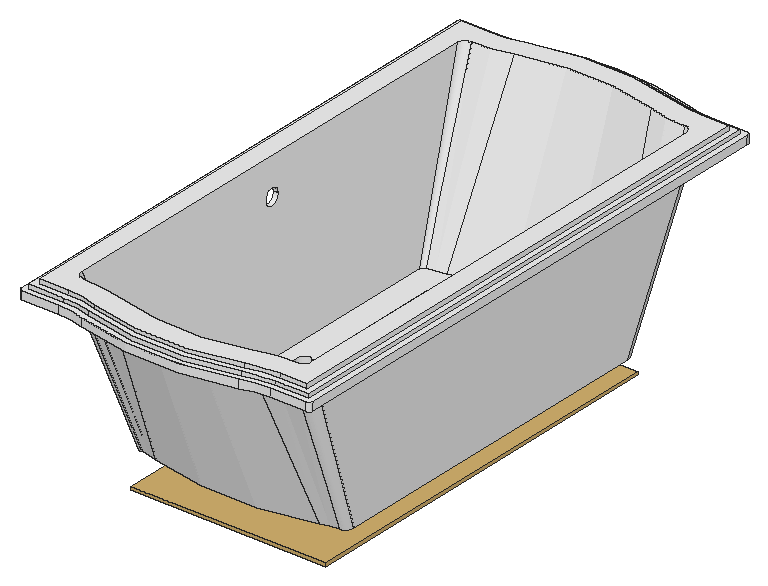
Revit family "bm-00086_abr784t", category Plumbing Fixtures, host Face, Revit 2016
Family settings
  Host = Face
  Part Type = Normal
  Round Connector Dimension = Use Radius
  OmniClass Number = 23.45.05.14.21
  OmniClass Title = Bathtubs
  Cut with Voids When Loaded = No
  Shared = No
  Room Calculation Point = No
Parameters (values of type "ABR784T")
  ecoScorecard_data = " "
  ecoScorecard Product Page = "  "
  Width = 35 7/8"
  Waste Connection Radius = 1 1/4"
  Waste Connection NPT = 2"
  Waste Connection = yes
  Warranty URL = "http://www.totousa.com/warranty-registration"
  Warranty = "1 Year Limited Warranty on acrylic tub; 1 Year Limited Warranty on components and parts"
  WFU = 0
  Voltage = 120 V
  Vent Connection = yes
  URL = "http://www.totousa.com"
  Toto BIM Number = "BM-00086"  # constant formula
  Subcategory = "Bathtubs"  # constant formula
  Style = "Traditional"  # constant formula
  Spec Sheet URL = "http://assets.totousa.com/product-files/SS-01027_ABR784.pdf"
  Shipping Weight = 148.00 lbf
  Series = "Clayton"  # constant formula
  Product Page URL = " "
  Parts Manual URL = "http://assets.totousa.com/product-files/PD-00811_REMOTE_AIRBATHS.pdf"
  Owners Manual URL = "http://assets.totousa.com/product-files/0GU5054_AIRBATH_OM.pdf"
  Number of Poles = 1
  Model = "ABA784R"  # constant formula
  Manufacturer Toll Free Phone = "1-888-295-8134"  # constant formula
  Manufacturer Phone = "(770) 282-8686 "  # constant formula
  Manufacturer Fax = "(770) 282-0002"  # constant formula
  Manufacturer Email = "mailto:custservice@totousa.com "
  Manufacturer Address = "1155 Southern Road, Morrow, Georgia 30260"  # constant formula
  Manufacturer = "TOTO USA, Inc."  # constant formula
  Installation URL = "http://assets.totousa.com/product-files/0GU5034_AIRBATH_BATHTUB_IM.pdf"
  Industry Standards = "300 VA"
  Height = 25 3/8"
  HWFU = 0
  HW Connection = no
  Full Load Amps = 15 A
  Frequency = 60 Hz
  Finish = Metal - TOTO - Chrome - Polished
  Description = "6' Air Bathtub"  # constant formula
  Depth = 71 5/8"
  Default Elevation = 0"
  Cost Info = "mailto:custservice@totousa.com "
  Color Availability = "#01  Cotton, #12  Sedona Beige"
  CWFU = 0
  CW Connection = no
  CAD Drawing URL = "http://assets.totousa.com/product-files/AD-00130_ABR784T.dxf"
  Bottom Plate = Metal - TOTO - LifeKoat - Brass - Polished
  Blower Motor Horsepower (HP) = 1
  Assembly Code = "D2010510"
  95 CSI = "15410"
  04 CSI = "22 41 19"
Reference planes (in)
  plane 1 "Center (Front/Back)": y = 0
  plane 2: z = 0
  plane 3 "Center (Left/Right)": x = 0
Dimensions and locks (in)
  aligned and locked: plane 2 to host face
  aligned and locked: level to host face
  aligned: nested 1 to plane 3 "Center (Left/Right)"
  aligned: nested 1 to plane 1 "Center (Front/Back)"
  aligned and locked: nested 1 to plane 3 "Center (Left/Right)"
  aligned and locked: plane 1 "Center (Front/Back)" to nested 1
Nested families (in)
  nested 1: "ABA784R" at (0, 0, 0) x (0, -1, 0) z (0, 0, 1), type "ABA784R"
Connectors (in)
  piping at (-9.8125, 0, 3.375), diameter 2.5, driven by "Waste Connection Radius"
    settings: on nested 1, index 1, connector inside diameter 2 1/2", connector length 0", flow factor 0, pipe flow 0 GPM, pressure drop 0.00 psi, fitting loss kfactor 0, connector angle 0.00°, fixture units 0, engagement length 0", angle of deflection 0.00°, flow configuration 3, flow direction 2, fitting loss method 0, system type 16, joint type 0, gender type 0, connector reference index -1, connector utility 0, adjustable connector no, is connector primary yes, connector description "Waste Outlet Connection"
  electrical at (-13.85938, 0, 13.375), driven by "Voltage"
    settings: on nested 1, index 2, voltage 120 V, apparent load 0 VA, apparent load phase1 0 VA, apparent load phase2 0 VA, apparent load phase3 0 VA, power factor 1, load classification "Other", number of poles 1, system type 30, power factor state 1, is connector primary yes, connector utility no, sub classification motor no, connector description "Power Connection"
Definition of nested family "ABA784R"
  Parameters
    ecoScorecard_data = ""
    ecoScorecard Product Page = ""
    Waste Connection Radius = Waste Connection NPT / 2  # 1"
    Waste Connection NPT = 2"
    Waste Connection = yes
    WFU = 0
    Voltage = 120 V
    Vent Connection = yes
    URL = "http://www.totousa.com"
    Toto Version = "V.01"  # constant formula
    Toto BIM Number = "BM-00085"  # constant formula
    Subcategory = "Baths"  # constant formula
    Shipping Weight = 148.00 lbf
    Series = "Clayton"
    Product URL = "http://www.totousa.com/ProductDetail/tabid/75/Default.aspx?ProductId=20d99218-603c-4732-9ab9-e906ca661e77&SearchId=80163866-1f2e-47de-86ac-71a0c6c0640d"
    Number of Poles = 1
    Nominal Width = 35 7/8"  # constant formula
    Nominal Length = 71 5/8"  # constant formula
    Nominal Height = 25 3/8"  # constant formula
    Model = "ABA784L"
    Manufacturer = "TOTO USA, Inc."  # constant formula
    HWFU = 0
    HW Connection = no
    Full Load Amps = 15 A
    Frequency = 60 Hz
    Description = "6' Air Bathtub"
    Default Elevation = 0"
    CWFU = 0
    CW Connection = no
    CADworks URL = "http://www.CADworks.net"
    Bottom Plate = none
    Blower Motor Horsepower (HP) = 1
    Bathtub Material = none
    Assembly Code = "D2010510"
    Apparent Power = 300 VA
  Reference planes (in)
    plane 1 "Center (Front/Back)": y = 0
    plane 2: z = 0
    plane 3 "Center (Left/Right)": x = 0
    plane 4: y = 17.9375
    plane 5: y = -17.9375
    plane 6: x = -35.8125
    plane 7 "Wall Closure": x = 35.8125
    plane 8: z = 25.375
    plane 9: z = 23.375
    plane 10: z = 0.375
    plane 11: z = 3.375
    plane 12: z = 4.375
    plane 13: z = 24.375
    plane 14: z = 21.125
    plane 15: y = -9.8125
  Forms (in)
    Extrusion 1, solid
      sketch origin (0, 0, 0) x (1, 0, 0) y (0, 1, 0)
        loop
          line (-48, 48) -> (-48, -48) -> (48, -48) -> (48, 48) -> (-48, 48)
      from 0 to -12
    Extrusion 2, solid, material <- "Bathtub Material", detail levels medium+fine
      sketch origin (0, -79.70833, 23.375) x (0, -1, 0) y (1, 0, 0)
        loop
          arc (-97.64583, -33.40234) -> (-97.49938, -33.7559) -> (-97.14583, -33.90234) r 0.5
          line (-97.14583, -33.90234) -> (-92.78517, -33.90234)
          arc (-92.78517, -33.90234) -> (-91.05072, -34.02835) -> (-89.35269, -34.40373) r 12
          arc (-89.35269, -34.40373) -> (-79.70833, -35.8125) -> (-70.06396, -34.40373) r 33.71684
          arc (-70.06396, -34.40373) -> (-68.36594, -34.02835) -> (-66.63148, -33.90234) r 12
          line (-66.63148, -33.90234) -> (-62.27083, -33.90234)
          arc (-62.27083, -33.90234) -> (-61.91728, -33.7559) -> (-61.77083, -33.40234) r 0.5
          line (-61.77083, -33.40234) -> (-61.77083, 33.40234)
          arc (-61.77083, 33.40234) -> (-61.91728, 33.7559) -> (-62.27083, 33.90234) r 0.5
          line (-62.27083, 33.90234) -> (-66.63148, 33.90234)
          arc (-66.63148, 33.90234) -> (-68.36594, 34.02835) -> (-70.06396, 34.40373) r 12
          arc (-70.06396, 34.40373) -> (-79.70833, 35.8125) -> (-89.35269, 34.40373) r 33.71684
          arc (-89.35269, 34.40373) -> (-91.05072, 34.02835) -> (-92.78517, 33.90234) r 12
          line (-92.78517, 33.90234) -> (-97.14583, 33.90234)
          arc (-97.14583, 33.90234) -> (-97.49938, 33.7559) -> (-97.64583, 33.40234) r 0.5
          line (-97.64583, 33.40234) -> (-97.64583, -33.40234)
      from 0 to 2
    Extrusion 3, solid, material <- "Bottom Plate", detail levels fine
      sketch origin (0, 0, 0) x (1, 0, 0) y (0, 1, 0)
        loop
          line (-24, 12) -> (-24, -12) -> (24, -12) -> (24, 12) -> (-24, 12)
      from 0 to 0.375
    Extrusion 4, solid, material <- "Bathtub Material", detail levels medium+fine
      sketch origin (-60, -180, 0.375) x (-1, 0, 0) y (0, -1, 0)
        loop
          line (-45, -187) -> (-45, -183.5) -> (-48.5, -183.5) -> (-48.5, -187) -> (-45, -187)
        loop
          line (-75, -187) -> (-71.5, -187) -> (-71.5, -183.5) -> (-75, -183.5) -> (-75, -187)
        loop
          line (-45, -173) -> (-48.5, -173) -> (-48.5, -176.5) -> (-45, -176.5) -> (-45, -173)
        loop
          line (-75, -173) -> (-75, -176.5) -> (-71.5, -176.5) -> (-71.5, -173) -> (-75, -173)
      from -0.375 to 3
    SweptBlend 5, solid, material <- "Bathtub Material", detail levels medium+fine
      path origin (0, 0, 0) x (1, 0, 0) y (0, 0, 1)
        loop
          line (0, 3.375) -> (0, 23.375)
      profile origin (0, 0, 3.375) x (-1, 0, 0) y (0, -1, 0)
        loop
          arc (21.10933, -13.09375) -> (21.77557, -12.83949) -> (22.10301, -12.20599) r 1
          arc (22.10301, -12.20599) -> (22.26826, -11.15958) -> (22.52516, -10.13183) r 12
          arc (22.52516, -10.13183) -> (24, 0) -> (22.52516, 10.13183) r 35.53926
          arc (22.52516, 10.13183) -> (22.26826, 11.15958) -> (22.10301, 12.20599) r 12
          arc (22.10301, 12.20599) -> (21.77557, 12.83949) -> (21.10933, 13.09375) r 1
          line (21.10933, 13.09375) -> (-21.10933, 13.09375)
          arc (-21.10933, 13.09375) -> (-21.77557, 12.83949) -> (-22.10301, 12.20599) r 1
          arc (-22.10301, 12.20599) -> (-22.26826, 11.15958) -> (-22.52516, 10.13183) r 12
          arc (-22.52516, 10.13183) -> (-24, 0) -> (-22.52516, -10.13183) r 35.53926
          arc (-22.52516, -10.13183) -> (-22.26826, -11.15958) -> (-22.10301, -12.20599) r 12
          arc (-22.10301, -12.20599) -> (-21.77557, -12.83949) -> (-21.10933, -13.09375) r 1
          line (-21.10933, -13.09375) -> (21.10933, -13.09375)
      end profile origin (0, 0, 23.375) x (-1, 0, 0) y (0, -1, 0)
        loop
          arc (28.80866, -14.625) -> (29.87081, -14.18417) -> (30.30866, -13.12077) r 1.5
          arc (30.30866, -13.12077) -> (30.46918, -10.8447) -> (30.96014, -8.61641) r 15.59375
          arc (30.96014, -8.61641) -> (32.21875, 0) -> (30.96014, 8.61641) r 30.12309
          arc (30.96014, 8.61641) -> (30.46918, 10.8447) -> (30.30866, 13.12077) r 15.59375
          arc (30.30866, 13.12077) -> (29.87081, 14.18417) -> (28.80866, 14.625) r 1.5
          line (28.80866, 14.625) -> (-28.80866, 14.625)
          arc (-28.80866, 14.625) -> (-29.87081, 14.18417) -> (-30.30866, 13.12077) r 1.5
          arc (-30.30866, 13.12077) -> (-30.46918, 10.8447) -> (-30.96014, 8.61641) r 15.59375
          arc (-30.96014, 8.61641) -> (-32.21875, 0) -> (-30.96014, -8.61641) r 30.12309
          arc (-30.96014, -8.61641) -> (-30.46918, -10.8447) -> (-30.30866, -13.12077) r 15.59375
          arc (-30.30866, -13.12077) -> (-29.87081, -14.18417) -> (-28.80866, -14.625) r 1.5
          line (-28.80866, -14.625) -> (28.80866, -14.625)
    SweptBlend 6, void
      path origin (0, 0, 0) x (1, 0, 0) y (0, 0, 1)
        loop
          line (0, 4.375) -> (0, 25.375)
      profile origin (0, 0, 4.375) x (-1, 0, 0) y (0, -1, 0)
        loop
          arc (22.04591, -9.98929) -> (23.5, 0) -> (22.04591, 9.98929) r 35.03926
          arc (22.04591, 9.98929) -> (21.77831, 11.05986) -> (21.60617, 12.14987) r 12.5
          arc (21.60617, 12.14987) -> (21.44245, 12.46662) -> (21.10933, 12.59375) r 0.5
          line (21.10933, 12.59375) -> (-21.10933, 12.59375)
          arc (-21.10933, 12.59375) -> (-21.44245, 12.46662) -> (-21.60617, 12.14987) r 0.5
          arc (-21.60617, 12.14987) -> (-21.77831, 11.05986) -> (-22.04591, 9.98929) r 12.5
          arc (-22.04591, 9.98929) -> (-23.5, 0) -> (-22.04591, -9.98929) r 35.03926
          arc (-22.04591, -9.98929) -> (-21.77831, -11.05986) -> (-21.60617, -12.14987) r 12.5
          arc (-21.60617, -12.14987) -> (-21.44245, -12.46662) -> (-21.10933, -12.59375) r 0.5
          line (-21.10933, -12.59375) -> (21.10933, -12.59375)
          arc (21.10933, -12.59375) -> (21.44245, -12.46662) -> (21.60617, -12.14987) r 0.5
          arc (21.60617, -12.14987) -> (21.77831, -11.05986) -> (22.04591, -9.98929) r 12.5
      end profile origin (0, 0, 25.375) x (-1, 0, 0) y (0, -1, 0)
        loop
          arc (30.48103, -8.47339) -> (31.71875, 0) -> (30.48103, 8.47339) r 29.62309
          arc (30.48103, 8.47339) -> (29.97433, 10.77312) -> (29.80866, 13.12218) r 16.09375
          arc (29.80866, 13.12218) -> (29.51676, 13.83111) -> (28.80866, 14.125) r 1
          line (28.80866, 14.125) -> (-28.80866, 14.125)
          arc (-28.80866, 14.125) -> (-29.51676, 13.83111) -> (-29.80866, 13.12218) r 1
          arc (-29.80866, 13.12218) -> (-29.97433, 10.77312) -> (-30.48103, 8.47339) r 16.09375
          arc (-30.48103, 8.47339) -> (-31.71875, 0) -> (-30.48103, -8.47339) r 29.62309
          arc (-30.48103, -8.47339) -> (-29.97433, -10.77312) -> (-29.80866, -13.12218) r 16.09375
          arc (-29.80866, -13.12218) -> (-29.51676, -13.83111) -> (-28.80866, -14.125) r 1
          line (-28.80866, -14.125) -> (28.80866, -14.125)
          arc (28.80866, -14.125) -> (29.51676, -13.83111) -> (29.80866, -13.12218) r 1
          arc (29.80866, -13.12218) -> (29.97433, -10.77312) -> (30.48103, -8.47339) r 16.09375
    Extrusion 7, void
      sketch origin (0, -79.70833, 25.375) x (1, 0, 0) y (0, -1, 0)
        loop
          line (-35.8125, -97.64583) -> (35.8125, -97.64583) -> (35.8125, -61.77083) -> (-35.8125, -61.77083) -> (-35.8125, -97.64583)
        loop
          arc (-32.96641, -88.92363) -> (-32.5441, -90.83391) -> (-32.40234, -92.78517) r 13.5
          line (-32.40234, -92.78517) -> (-32.40234, -96.14583) -> (32.40234, -96.14583) -> (32.40234, -92.78517)
          arc (32.40234, -92.78517) -> (32.5441, -90.83391) -> (32.96641, -88.92363) r 13.5
          arc (32.96641, -88.92363) -> (34.3125, -79.70833) -> (32.96641, -70.49302) r 32.21684
          arc (32.96641, -70.49302) -> (32.5441, -68.58274) -> (32.40234, -66.63148) r 13.5
          line (32.40234, -66.63148) -> (32.40234, -63.27083) -> (-32.40234, -63.27083) -> (-32.40234, -66.63148)
          arc (-32.40234, -66.63148) -> (-32.5441, -68.58274) -> (-32.96641, -70.49302) r 13.5
          arc (-32.96641, -70.49302) -> (-34.3125, -79.70833) -> (-32.96641, -88.92363) r 32.21684
      from 0 to 0.5
    Extrusion 8, void
      sketch origin (0, -79.70833, 24.875) x (0, 1, 0) y (1, 0, 0)
        loop
          arc (70.27849, -33.68507) -> (79.70833, -35.0625) -> (89.13816, -33.68507) r 32.96684
          arc (89.13816, -33.68507) -> (90.94232, -33.28623) -> (92.78517, -33.15234) r 12.75
          line (92.78517, -33.15234) -> (96.89583, -33.15234) -> (96.89583, 33.15234) -> (92.78517, 33.15234)
          arc (92.78517, 33.15234) -> (90.94232, 33.28623) -> (89.13816, 33.68507) r 12.75
          arc (89.13816, 33.68507) -> (79.70833, 35.0625) -> (70.27849, 33.68507) r 32.96684
          arc (70.27849, 33.68507) -> (68.47434, 33.28623) -> (66.63148, 33.15234) r 12.75
          line (66.63148, 33.15234) -> (62.52083, 33.15234) -> (62.52083, -33.15234) -> (66.63148, -33.15234)
          arc (66.63148, -33.15234) -> (68.47434, -33.28623) -> (70.27849, -33.68507) r 12.75
        loop
          line (97.64583, -35.8125) -> (97.64583, 35.8125) -> (61.77083, 35.8125) -> (61.77083, -35.8125) -> (97.64583, -35.8125)
      from 0 to 0.5
    Extrusion 9, void
      sketch origin (0, -79.70833, 4.375) x (1, 0, 0) y (0, -1, 0)
        loop
          arc (-19.09756, -71.19254) -> (-20.25, -79.70833) -> (-19.09756, -88.22412) r 32.03926
          arc (-19.09756, -88.22412) -> (-18.73942, -88.75388) -> (-18.13353, -88.95833) r 1
          line (-18.13353, -88.95833) -> (18.13353, -88.95833)
          arc (18.13353, -88.95833) -> (18.73942, -88.75388) -> (19.09756, -88.22412) r 1
          arc (19.09756, -88.22412) -> (20.25, -79.70833) -> (19.09756, -71.19254) r 32.03926
          arc (19.09756, -71.19254) -> (18.73942, -70.66278) -> (18.13353, -70.45833) r 1
          line (18.13353, -70.45833) -> (3.13187, -70.45833)
          arc (3.13187, -70.45833) -> (2.60576, -70.60791) -> (2.23705, -71.0119) r 1
          arc (2.23705, -71.0119) -> (0, -72.39583) -> (-2.23705, -71.0119) r 2.5
          arc (-2.23705, -71.0119) -> (-2.60576, -70.60791) -> (-3.13187, -70.45833) r 1
          line (-3.13187, -70.45833) -> (-18.13353, -70.45833)
          arc (-18.13353, -70.45833) -> (-18.73942, -70.66278) -> (-19.09756, -71.19254) r 1
      from 0 to 0.25
    Extrusion 10, void
      sketch origin (0, -79.70833, 4.375) x (1, 0, 0) y (0, -1, 0)
        loop
          circle (0, -69.89583) r 1
      from 0 to 1
    Extrusion 11, void
      sketch origin (-60, 17.9375, 48) x (1, 0, 0) y (0, 0, 1)
        loop
          circle (60, -26.875) r 1
      from 27.75 to 35.875
    Extrusion 12, solid, material <- "Bathtub Material", detail levels coarse
      sketch origin (0, -79.70833, 25.375) x (0, -1, 0) y (1, 0, 0)
        loop
          line (-97.64583, 33.40234) -> (-97.64583, -33.40234)
          arc (-97.64583, -33.40234) -> (-97.49938, -33.7559) -> (-97.14583, -33.90234) r 0.5
          line (-97.14583, -33.90234) -> (-92.78517, -33.90234)
          arc (-92.78517, -33.90234) -> (-91.05072, -34.02835) -> (-89.35269, -34.40373) r 12
          arc (-89.35269, -34.40373) -> (-84.58169, -35.45845) -> (-79.70833, -35.8125) r 33.71684
          arc (-79.70833, -35.8125) -> (-74.83497, -35.45845) -> (-70.06396, -34.40373) r 33.71684
          arc (-70.06396, -34.40373) -> (-68.36594, -34.02835) -> (-66.63148, -33.90234) r 12
          line (-66.63148, -33.90234) -> (-62.27083, -33.90234)
          arc (-62.27083, -33.90234) -> (-61.91728, -33.7559) -> (-61.77083, -33.40234) r 0.5
          line (-61.77083, -33.40234) -> (-61.77083, 33.40234)
          arc (-61.77083, 33.40234) -> (-61.91728, 33.7559) -> (-62.27083, 33.90234) r 0.5
          line (-62.27083, 33.90234) -> (-66.63148, 33.90234)
          arc (-66.63148, 33.90234) -> (-68.36594, 34.02835) -> (-70.06396, 34.40373) r 12
          arc (-70.06396, 34.40373) -> (-74.83497, 35.45845) -> (-79.70833, 35.8125) r 33.71684
          arc (-79.70833, 35.8125) -> (-84.58169, 35.45845) -> (-89.35269, 34.40373) r 33.71684
          arc (-89.35269, 34.40373) -> (-91.05072, 34.02835) -> (-92.78517, 33.90234) r 12
          line (-92.78517, 33.90234) -> (-97.14583, 33.90234)
          arc (-97.14583, 33.90234) -> (-97.49938, 33.7559) -> (-97.64583, 33.40234) r 0.5
      from 0 to -25.375
  Cuts and joins
    SweptBlend 6, Extrusion 7, Extrusion 8, Extrusion 9, Extrusion 10, Extrusion 11 cuts Extrusion 2
    SweptBlend 6, Extrusion 7, Extrusion 8, Extrusion 9, Extrusion 10, Extrusion 11 cuts SweptBlend 5
    joined: Extrusion 2, SweptBlend 5
  Lines and regions (in)
    symbolic lines
      curve 1: line (33.40234, 17.9375, 25.375) -> (-33.40234, 17.9375, 25.375)
      curve 2: arc (-33.40234, 17.9375, 25.375) -> (-33.7559, 17.79105, 25.375) -> (-33.90234, 17.4375, 25.375) r 0.5
      curve 3: line (-33.90234, 17.4375, 25.375) -> (-33.90234, 13.07685, 25.375)
      curve 4: arc (-33.90234, 13.07685, 25.375) -> (-34.02835, 11.34239, 25.375) -> (-34.40373, 9.64437, 25.375) r 12
      curve 5: arc (-34.40373, 9.64437, 25.375) -> (-35.45845, 4.87336, 25.375) -> (-35.8125, 0, 25.375) r 33.71684
      curve 6: arc (-35.8125, 0, 25.375) -> (-35.45845, -4.87336, 25.375) -> (-34.40373, -9.64437, 25.375) r 33.71684
      curve 7: arc (-34.40373, -9.64437, 25.375) -> (-34.02835, -11.34239, 25.375) -> (-33.90234, -13.07685, 25.375) r 12
      curve 8: line (-33.90234, -13.07685, 25.375) -> (-33.90234, -17.4375, 25.375)
      curve 9: arc (-33.90234, -17.4375, 25.375) -> (-33.7559, -17.79105, 25.375) -> (-33.40234, -17.9375, 25.375) r 0.5
      curve 10: line (-33.40234, -17.9375, 25.375) -> (33.40234, -17.9375, 25.375)
      curve 11: arc (33.40234, -17.9375, 25.375) -> (33.7559, -17.79105, 25.375) -> (33.90234, -17.4375, 25.375) r 0.5
      curve 12: line (33.90234, -17.4375, 25.375) -> (33.90234, -13.07685, 25.375)
      curve 13: arc (33.90234, -13.07685, 25.375) -> (34.02835, -11.34239, 25.375) -> (34.40373, -9.64437, 25.375) r 12
      curve 14: arc (34.40373, -9.64437, 25.375) -> (35.45845, -4.87336, 25.375) -> (35.8125, 0, 25.375) r 33.71684
      curve 15: arc (35.8125, 0, 25.375) -> (35.45845, 4.87336, 25.375) -> (34.40373, 9.64437, 25.375) r 33.71684
      curve 16: arc (34.40373, 9.64437, 25.375) -> (34.02835, 11.34239, 25.375) -> (33.90234, 13.07685, 25.375) r 12
      curve 17: line (33.90234, 13.07685, 25.375) -> (33.90234, 17.4375, 25.375)
      curve 18: arc (33.90234, 17.4375, 25.375) -> (33.7559, 17.79105, 25.375) -> (33.40234, 17.9375, 25.375) r 0.5
    symbolic lines, detail levels medium+fine
      curve 19: line (33.15234, 17.1875, 25.375) -> (-33.15234, 17.1875, 25.375)
      curve 20: line (-33.15234, 17.1875, 25.375) -> (-33.15234, 13.07685, 25.375)
      curve 21: arc (-33.15234, 13.07685, 25.375) -> (-33.28623, 11.23399, 25.375) -> (-33.68507, 9.42984, 25.375) r 12.75
      curve 22: arc (-33.68507, 9.42984, 25.375) -> (-35.0625, 0, 25.375) -> (-33.68507, -9.42984, 25.375) r 32.96684
      curve 23: arc (-33.68507, -9.42984, 25.375) -> (-33.28623, -11.23399, 25.375) -> (-33.15234, -13.07685, 25.375) r 12.75
      curve 24: line (-33.15234, -13.07685, 25.375) -> (-33.15234, -17.1875, 25.375)
      curve 25: line (-33.15234, -17.1875, 25.375) -> (33.15234, -17.1875, 25.375)
      curve 26: line (33.15234, -17.1875, 25.375) -> (33.15234, -13.07685, 25.375)
      curve 27: arc (33.15234, -13.07685, 25.375) -> (33.28623, -11.23399, 25.375) -> (33.68507, -9.42984, 25.375) r 12.75
      curve 28: arc (33.68507, -9.42984, 25.375) -> (35.0625, 0, 25.375) -> (33.68507, 9.42984, 25.375) r 32.96684
      curve 29: arc (33.68507, 9.42984, 25.375) -> (33.28623, 11.23399, 25.375) -> (33.15234, 13.07685, 25.375) r 12.75
      curve 30: line (33.15234, 13.07685, 25.375) -> (33.15234, 17.1875, 25.375)
      curve 31: line (-32.40234, 16.4375, 25.375) -> (-32.40234, 13.07685, 25.375)
      curve 32: arc (-32.40234, 13.07685, 25.375) -> (-32.5441, 11.12559, 25.375) -> (-32.96641, 9.21531, 25.375) r 13.5
      curve 33: arc (-32.96641, 9.21531, 25.375) -> (-34.3125, 0, 25.375) -> (-32.96641, -9.21531, 25.375) r 32.21684
      curve 34: arc (-32.96641, -9.21531, 25.375) -> (-32.5441, -11.12559, 25.375) -> (-32.40234, -13.07685, 25.375) r 13.5
      curve 35: line (-32.40234, -13.07685, 25.375) -> (-32.40234, -16.4375, 25.375)
      curve 36: line (-32.40234, -16.4375, 25.375) -> (32.40234, -16.4375, 25.375)
      curve 37: line (32.40234, -16.4375, 25.375) -> (32.40234, -13.07685, 25.375)
      curve 38: arc (32.40234, -13.07685, 25.375) -> (32.5441, -11.12559, 25.375) -> (32.96641, -9.21531, 25.375) r 13.5
      curve 39: arc (32.96641, -9.21531, 25.375) -> (34.3125, 0, 25.375) -> (32.96641, 9.21531, 25.375) r 32.21684
      curve 40: arc (32.96641, 9.21531, 25.375) -> (32.5441, 11.12559, 25.375) -> (32.40234, 13.07685, 25.375) r 13.5
      curve 41: line (32.40234, 13.07685, 25.375) -> (32.40234, 16.4375, 25.375)
      curve 42: line (32.40234, 16.4375, 25.375) -> (-32.40234, 16.4375, 25.375)
      curve 43: line (-28.80866, 14.125, 25.375) -> (28.80866, 14.125, 25.375)
      curve 44: arc (28.80866, 14.125, 25.375) -> (29.51676, 13.83111, 25.375) -> (29.80866, 13.12218, 25.375) r 1
      curve 45: arc (29.80866, 13.12218, 25.375) -> (29.97433, 10.77312, 25.375) -> (30.48103, 8.47339, 25.375) r 16.09375
      curve 46: arc (30.48103, 8.47339, 25.375) -> (31.71875, 0, 25.375) -> (30.48103, -8.47339, 25.375) r 29.62309
      curve 47: arc (30.48103, -8.47339, 25.375) -> (29.97433, -10.77312, 25.375) -> (29.80866, -13.12218, 25.375) r 16.09375
      curve 48: arc (29.80866, -13.12218, 25.375) -> (29.51676, -13.83111, 25.375) -> (28.80866, -14.125, 25.375) r 1
      curve 49: line (28.80866, -14.125, 25.375) -> (-28.80866, -14.125, 25.375)
      curve 50: arc (-28.80866, -14.125, 25.375) -> (-29.51676, -13.83111, 25.375) -> (-29.80866, -13.12218, 25.375) r 1
      curve 51: arc (-29.80866, -13.12218, 25.375) -> (-29.97433, -10.77312, 25.375) -> (-30.48103, -8.47339, 25.375) r 16.09375
      curve 52: arc (-30.48103, -8.47339, 25.375) -> (-31.71875, 0, 25.375) -> (-30.48103, 8.47339, 25.375) r 29.62309
      curve 53: arc (-30.48103, 8.47339, 25.375) -> (-29.97433, 10.77312, 25.375) -> (-29.80866, 13.12218, 25.375) r 16.09375
      curve 54: arc (-29.80866, 13.12218, 25.375) -> (-29.51676, 13.83111, 25.375) -> (-28.80866, 14.125, 25.375) r 1
      curve 55: line (21.10933, 12.59375, 25.375) -> (-21.10933, 12.59375, 25.375)
      curve 56: arc (-21.10933, 12.59375, 25.375) -> (-21.44245, 12.46662, 25.375) -> (-21.60617, 12.14987, 25.375) r 0.5
      curve 57: arc (-21.60617, 12.14987, 25.375) -> (-21.77831, 11.05986, 25.375) -> (-22.04591, 9.98929, 25.375) r 12.5
      curve 58: arc (-22.04591, 9.98929, 25.375) -> (-23.5, 0, 25.375) -> (-22.04591, -9.98929, 25.375) r 35.03926
      curve 59: arc (-22.04591, -9.98929, 25.375) -> (-21.77831, -11.05986, 25.375) -> (-21.60617, -12.14987, 25.375) r 12.5
      curve 60: arc (-21.60617, -12.14987, 25.375) -> (-21.44245, -12.46662, 25.375) -> (-21.10933, -12.59375, 25.375) r 0.5
      curve 61: line (-21.10933, -12.59375, 25.375) -> (21.10933, -12.59375, 25.375)
      curve 62: arc (21.10933, -12.59375, 25.375) -> (21.44245, -12.46662, 25.375) -> (21.60617, -12.14987, 25.375) r 0.5
      curve 63: arc (21.60617, -12.14987, 25.375) -> (21.77831, -11.05986, 25.375) -> (22.04591, -9.98929, 25.375) r 12.5
      curve 64: arc (22.04591, -9.98929, 25.375) -> (23.5, 0, 25.375) -> (22.04591, 9.98929, 25.375) r 35.03926
      curve 65: arc (22.04591, 9.98929, 25.375) -> (21.77831, 11.05986, 25.375) -> (21.60617, 12.14987, 25.375) r 12.5
      curve 66: arc (21.60617, 12.14987, 25.375) -> (21.44245, 12.46662, 25.375) -> (21.10933, 12.59375, 25.375) r 0.5
      curve 67: line (-18.13353, 9.25, 25.375) -> (18.13353, 9.25, 25.375)
      curve 68: arc (18.13353, 9.25, 25.375) -> (18.73942, 9.04555, 25.375) -> (19.09756, 8.51579, 25.375) r 1
      curve 69: arc (19.09756, 8.51579, 25.375) -> (20.25, 0, 25.375) -> (19.09756, -8.51579, 25.375) r 32.03926
      curve 70: arc (19.09756, -8.51579, 25.375) -> (18.73942, -9.04555, 25.375) -> (18.13353, -9.25, 25.375) r 1
      curve 71: line (18.13353, -9.25, 25.375) -> (3.13187, -9.25, 25.375)
      curve 72: arc (3.13187, -9.25, 25.375) -> (2.60576, -9.10042, 25.375) -> (2.23705, -8.69643, 25.375) r 1
      curve 73: arc (2.23705, -8.69643, 25.375) -> (0, -7.3125, 25.375) -> (-2.23705, -8.69643, 25.375) r 2.5
      curve 74: arc (-2.23705, -8.69643, 25.375) -> (-2.60576, -9.10042, 25.375) -> (-3.13187, -9.25, 25.375) r 1
      curve 75: line (-3.13187, -9.25, 25.375) -> (-18.13353, -9.25, 25.375)
      curve 76: arc (-18.13353, -9.25, 25.375) -> (-18.73942, -9.04555, 25.375) -> (-19.09756, -8.51579, 25.375) r 1
      curve 77: arc (-19.09756, -8.51579, 25.375) -> (-20.25, 0, 25.375) -> (-19.09756, 8.51579, 25.375) r 32.03926
      curve 78: arc (-19.09756, 8.51579, 25.375) -> (-18.73942, 9.04555, 25.375) -> (-18.13353, 9.25, 25.375) r 1
      curve 79: arc (1, -9.8125, 25.375) -> (0, -10.8125, 25.375) -> (-1, -9.8125, 25.375) r 1
      curve 80: arc (-1, -9.8125, 25.375) -> (0, -8.8125, 25.375) -> (1, -9.8125, 25.375) r 1
      curve 81: spline (0.99963, -13.8151, 25.375) -> (0.96616, -13.83396, 25.375) -> (0.86661, -13.85154, 25.375) -> (0.70781, -13.86664, 25.375) -> (0.5006, -13.87823, 25.375) -> (0.25916, -13.88551, 25.375) -> (0, -13.888, 25.375) -> (-0.25916, -13.88551, 25.375) -> (-0.5006, -13.87823, 25.375) -> (-0.70781, -13.86664, 25.375) -> (-0.86661, -13.85154, 25.375) -> (-0.96616, -13.83396, 25.375) -> (-0.99963, -13.8151, 25.375)
      curve 82: spline (-0.99963, -13.8151, 25.375) -> (-0.96616, -13.79625, 25.375) -> (-0.86661, -13.77867, 25.375) -> (-0.70781, -13.76357, 25.375) -> (-0.5006, -13.75198, 25.375) -> (-0.25916, -13.7447, 25.375) -> (0, -13.74221, 25.375) -> (0.25916, -13.7447, 25.375) -> (0.5006, -13.75198, 25.375) -> (0.70781, -13.76357, 25.375) -> (0.86661, -13.77867, 25.375) -> (0.96616, -13.79625, 25.375) -> (0.99963, -13.8151, 25.375)
      curve 87: line (-34.3125, 9.8125, 25.375) -> (34.3125, 9.8125, 25.375)
      curve 88: line (35.0625, 9.8125, 24.875) -> (-35.0625, 9.8125, 24.875)
      curve 89: line (35.8125, 9.8125, 24.375) -> (-35.8125, 9.8125, 24.375)
      curve 90: line (35.8125, 9.8125, 23.375) -> (-35.8125, 9.8125, 23.375)
      curve 91: line (-34.3125, 9.8125, 25.375) -> (-34.3125, 9.8125, 24.875)
      curve 92: line (-35.0625, 9.8125, 24.875) -> (-35.0625, 9.8125, 24.375)
      curve 93: line (-35.8125, 9.8125, 24.375) -> (-35.8125, 9.8125, 23.375)
      curve 94: line (-33.90234, 9.8125, 24.375) -> (-33.90234, 9.8125, 23.375)
      curve 95: line (-33.15234, 9.8125, 24.875) -> (-33.15234, 9.8125, 24.375)
      curve 96: line (-32.40234, 9.8125, 25.375) -> (-32.40234, 9.8125, 24.875)
      curve 97: line (-24, 9.8125, 3.375) -> (-32.2221, 9.8125, 23.375)
      curve 98: line (24, 9.8125, 3.375) -> (-24, 9.8125, 3.375)
      curve 99: line (24, 9.8125, 3.375) -> (32.2199, 9.8125, 23.375)
      curve 100: line (34.3125, 9.8125, 25.375) -> (34.3125, 9.8125, 24.875)
      curve 101: line (35.0625, 9.8125, 24.875) -> (35.0625, 9.8125, 24.375)
      curve 102: line (35.8125, 9.8125, 24.375) -> (35.8125, 9.8125, 23.375)
      curve 103: line (33.90234, 9.8125, 24.375) -> (33.90234, 9.8125, 23.375)
      curve 104: line (33.15234, 9.8125, 24.875) -> (33.15234, 9.8125, 24.375)
      curve 105: line (32.40234, 9.8125, 25.375) -> (32.40234, 9.8125, 24.875)
      curve 106: arc (-1, 9.8125, 21.125) -> (0, 9.8125, 20.125) -> (1, 9.8125, 21.125) r 1
      curve 107: arc (1, 9.8125, 21.125) -> (0, 9.8125, 22.125) -> (-1, 9.8125, 21.125) r 1
      curve 108: line (11.5, 9.8125, 3.375) -> (11.5, 9.8125, 0.375)
      curve 109: line (15, 9.8125, 3.375) -> (15, 9.8125, 0.375)
      curve 110: line (-11.5, 9.8125, 3.375) -> (-11.5, 9.8125, 0.375)
      curve 111: line (-15, 9.8125, 3.375) -> (-15, 9.8125, 0.375)
      curve 126: line (0, 16.4375, 25.375) -> (0, -16.4375, 25.375)
      curve 127: line (0, -17.1875, 24.875) -> (0, 17.1875, 24.875)
      curve 128: line (0, -17.9375, 24.375) -> (0, 17.9375, 24.375)
      curve 129: line (0, -17.9375, 23.375) -> (0, 17.9375, 23.375)
      curve 130: line (0, 16.4375, 25.375) -> (0, 16.4375, 24.875)
      curve 131: line (0, 17.1875, 24.875) -> (0, 17.1875, 24.375)
      curve 132: line (0, 17.9375, 24.375) -> (0, 17.9375, 23.375)
      curve 133: line (0, -16.4375, 25.375) -> (0, -16.4375, 24.875)
      curve 134: line (0, -17.1875, 24.875) -> (0, -17.1875, 24.375)
      curve 135: line (0, -17.9375, 24.375) -> (0, -17.9375, 23.375)
      curve 136: line (0, -13.09375, 3.375) -> (0, 13.09375, 3.375)
      curve 137: line (0, -13.09375, 3.375) -> (0, -14.625, 23.375)
      curve 138: line (0, 13.09375, 3.375) -> (0, 14.625, 23.375)
      curve 139: line (0, 7, 3.375) -> (0, 7, 0.375)
      curve 140: line (0, 3.5, 3.375) -> (0, 3.5, 0.375)
      curve 141: line (0, -3.5, 3.375) -> (0, -3.5, 0.375)
      curve 142: line (0, -7, 3.375) -> (0, -7, 0.375)
    symbolic lines, detail levels coarse
      curve 83: line (-35.8125, 9.8125, 25.375) -> (35.8125, 9.8125, 25.375)
      curve 84: line (-35.8125, 9.8125, 0) -> (-35.8125, 9.8125, 25.375)
      curve 85: line (35.8125, 9.8125, 0) -> (-35.8125, 9.8125, 0)
      curve 86: line (35.8125, 9.8125, 25.375) -> (35.8125, 9.8125, 0)
      curve 122: line (0, 17.9375, 25.375) -> (0, -17.9375, 25.375)
      curve 123: line (0, 17.9375, 0) -> (0, 17.9375, 25.375)
      curve 124: line (0, -17.9375, 0) -> (0, 17.9375, 0)
      curve 125: line (0, -17.9375, 25.375) -> (0, -17.9375, 0)
    symbolic lines, detail levels medium
      curve 112: line (-15, 9.8125, 0.375) -> (-15, 9.8125, 0)
      curve 113: line (-15, 9.8125, 0) -> (-11.5, 9.8125, 0)
      curve 114: line (-11.5, 9.8125, 0) -> (-11.5, 9.8125, 0.375)
      curve 115: line (11.5, 9.8125, 0.375) -> (11.5, 9.8125, 0)
      curve 116: line (11.5, 9.8125, 0) -> (15, 9.8125, 0)
      curve 117: line (15, 9.8125, 0) -> (15, 9.8125, 0.375)
      curve 143: line (0, -3.5, 0.375) -> (0, -3.5, 0)
      curve 144: line (0, -3.5, 0) -> (0, -7, 0)
      curve 145: line (0, -7, 0) -> (0, -7, 0.375)
      curve 146: line (0, 7, 0.375) -> (0, 7, 0)
      curve 147: line (0, 7, 0) -> (0, 3.5, 0)
      curve 148: line (0, 3.5, 0) -> (0, 3.5, 0.375)
    symbolic lines, detail levels fine
      curve 118: line (-24, 9.8125, 0.375) -> (24, 9.8125, 0.375)
      curve 119: line (-24, 9.8125, 0) -> (-24, 9.8125, 0.375)
      curve 120: line (24, 9.8125, 0) -> (-24, 9.8125, 0)
      curve 121: line (24, 9.8125, 0.375) -> (24, 9.8125, 0)
      curve 149: line (0, 12, 0.375) -> (0, -12, 0.375)
      curve 150: line (0, 12, 0) -> (0, 12, 0.375)
      curve 151: line (0, -12, 0) -> (0, 12, 0)
      curve 152: line (0, -12, 0.375) -> (0, -12, 0)
  Dimensions and locks (in)
    "Nominal Width": plane 5 to plane 4
    equal spacing: plane 5, plane 1 "Center (Front/Back)", plane 4
    "Nominal Length": plane 6 to plane 7 "Wall Closure"
    equal spacing: plane 6, plane 3 "Center (Left/Right)", plane 7 "Wall Closure"
    "Nominal Height": plane 8 to plane 2
    locked: plane 8 to plane 9 at 2
    locked: Extrusion 2 sketch curve to Extrusion 2 sketch curve at 67.80469  (x2)
    equal spacing: Extrusion 2 sketch curve, plane 3 "Center (Left/Right)", Extrusion 2 sketch curve  (x2)
    Extrusion 2 sketch curve to Extrusion 2 sketch curve to plane 1 "Center (Front/Back)" to Extrusion 2 sketch curve to Extrusion 2 sketch curve = 3.43248" locked, 9.64437" locked, 9.64437" locked, 3.43248" locked  (x2)
    locked: Extrusion 2 sketch curve to Extrusion 2 sketch curve at 0.50139  (x4)
    locked: Extrusion 2 sketch curve to Extrusion 2 sketch curve at 0.5  (x8)
    locked: Extrusion 3 sketch curve to Extrusion 3 sketch curve at 24
    equal spacing: Extrusion 3 sketch curve, plane 1 "Center (Front/Back)", Extrusion 3 sketch curve
    locked: Extrusion 3 sketch curve to Extrusion 3 sketch curve at 48
    equal spacing: Extrusion 3 sketch curve, plane 3 "Center (Left/Right)", Extrusion 3 sketch curve
    locked: plane 10 to plane 2 at 0.375
    Extrusion 4 sketch curve to Extrusion 4 sketch curve to plane 3 "Center (Left/Right)" to Extrusion 4 sketch curve to Extrusion 4 sketch curve = 3 1/2" locked, 11 1/2" locked, 11 1/2" locked, 3 1/2" locked  (x2)
    Extrusion 4 sketch curve to Extrusion 4 sketch curve to plane 1 "Center (Front/Back)" to Extrusion 4 sketch curve to Extrusion 4 sketch curve = 3 1/2" locked, 3 1/2" locked, 3 1/2" locked, 3 1/2" locked  (x2)
    SweptBlend 5 sketch curve to SweptBlend 5 sketch curve to SweptBlend 5 sketch curve to plane 3 "Center (Left/Right)" to SweptBlend 5 sketch curve to SweptBlend 5 sketch curve to SweptBlend 5 sketch curve = 0.65148" locked, 1 1/2" locked, 28.80866" locked, 28.80866" locked, 1 1/2" locked, 0.65148" locked
    SweptBlend 5 sketch curve to SweptBlend 5 sketch curve to SweptBlend 5 sketch curve to plane 1 "Center (Front/Back)" to SweptBlend 5 sketch curve to SweptBlend 5 sketch curve to SweptBlend 5 sketch curve = 1.50423" locked, 4.50437" locked, 8.61641" locked, 8.61641" locked, 4.50437" locked, 1.50423" locked
    SweptBlend 5 sketch curve to SweptBlend 5 sketch curve to plane 3 "Center (Left/Right)" to SweptBlend 5 sketch curve to SweptBlend 5 sketch curve = 1 1/2" locked, 28.80866" locked, 28.80866" locked, 1 1/2" locked
    SweptBlend 5 sketch curve to SweptBlend 5 sketch curve to SweptBlend 5 sketch curve = 4.50437" locked, 1.50423" locked  (x2)
    locked: plane 8 to plane 12 at 21
    SweptBlend 6 sketch curve to SweptBlend 6 sketch curve to SweptBlend 6 sketch curve to plane 3 "Center (Left/Right)" to SweptBlend 6 sketch curve to SweptBlend 6 sketch curve to SweptBlend 6 sketch curve = 0.67237" locked, 1" locked, 28.80866" locked, 28.80866" locked, 1" locked, 0.67237" locked  (x2)
    SweptBlend 6 sketch curve to SweptBlend 6 sketch curve to SweptBlend 6 sketch curve to plane 1 "Center (Front/Back)" to SweptBlend 6 sketch curve to SweptBlend 6 sketch curve to SweptBlend 6 sketch curve = 1.00282" locked, 4.64879" locked, 8.47339" locked, 8.47339" locked, 4.64879" locked, 1.00282" locked
    SweptBlend 6 sketch curve to SweptBlend 6 sketch curve to SweptBlend 6 sketch curve = 1.00282" locked, 4.64879" locked  (x2)
    plane 12 to cut or joined group of Extrusion 2, SweptBlend 5, SweptBlend 6, Extrusion 7, Extrusion 8, Extrusion 9, Extrusion 10, Extrusion 11 to plane 11 = 1/4" locked, 3/4" locked
    plane 8 to cut or joined group of Extrusion 2, SweptBlend 5, SweptBlend 6, Extrusion 7, Extrusion 8, Extrusion 9, Extrusion 10, Extrusion 11 to cut or joined group of Extrusion 2, SweptBlend 5, SweptBlend 6, Extrusion 7, Extrusion 8, Extrusion 9, Extrusion 10, Extrusion 11 to plane 9 = 1/2" locked, 1/2" locked, 1" locked
    plane 6 to Extrusion 8 sketch curve to Extrusion 8 sketch curve = 2.12743" locked, 0.53272" locked  (x2)
    Extrusion 8 sketch curve to Extrusion 8 sketch curve to plane 7 "Wall Closure" = 0.53272" locked, 2.12743" locked  (x2)
    plane 5 to Extrusion 8 sketch curve to Extrusion 8 sketch curve to Extrusion 8 sketch curve = 3/4" locked, 4.11065" locked, 3.64701" locked
    plane 4 to Extrusion 8 sketch curve to Extrusion 8 sketch curve to Extrusion 8 sketch curve = 3/4" locked, 4.11065" locked, 3.64701" locked
    Extrusion 8 sketch curve to Extrusion 8 sketch curve to Extrusion 8 sketch curve = 4.11065" locked, 3.64701" locked  (x2)
    plane 6 to Extrusion 7 sketch curve to Extrusion 7 sketch curve = 2.84609" locked, 0.56406" locked  (x2)
    Extrusion 7 sketch curve to Extrusion 7 sketch curve to plane 7 "Wall Closure" = 0.56406" locked, 2.84609" locked  (x2)
    plane 4 to Extrusion 7 sketch curve to Extrusion 7 sketch curve to Extrusion 7 sketch curve = 1 1/2" locked, 3.36065" locked, 3.86154" locked
    plane 5 to Extrusion 7 sketch curve to Extrusion 7 sketch curve to Extrusion 7 sketch curve = 1 1/2" locked, 3.36065" locked, 3.86154" locked
    Extrusion 7 sketch curve to Extrusion 7 sketch curve to Extrusion 7 sketch curve = 3.86154" locked, 3.36065" locked  (x2)
    locked: plane 13 to plane 9 at 1
    locked: cut or joined group of Extrusion 2, SweptBlend 5, SweptBlend 6, Extrusion 7, Extrusion 8, Extrusion 9, Extrusion 10, Extrusion 11 to plane 13 at 0.5
    locked: plane 14 to plane 12 at 16.75
    locked: Extrusion 11 sketch curve to plane 14 at 0
    locked: Extrusion 11 sketch curve to plane 3 "Center (Left/Right)" at 0
    SweptBlend 5 sketch curve to SweptBlend 5 sketch curve to SweptBlend 5 sketch curve to plane 3 "Center (Left/Right)" to SweptBlend 5 sketch curve to SweptBlend 5 sketch curve to SweptBlend 5 sketch curve = 0.42216" locked, 0.99368" locked, 21.10933" locked, 21.10933" locked, 0.99368" locked, 0.42216" locked  (x2)
    SweptBlend 5 sketch curve to SweptBlend 5 sketch curve to SweptBlend 5 sketch curve to plane 1 "Center (Front/Back)" to SweptBlend 5 sketch curve to SweptBlend 5 sketch curve to SweptBlend 5 sketch curve = 0.88776" locked, 2.07416" locked, 10.13183" locked, 10.13183" locked, 2.07416" locked, 0.88776" locked
    SweptBlend 5 sketch curve to SweptBlend 5 sketch curve to SweptBlend 5 sketch curve = 2.07416" locked, 0.88776" locked  (x2)
    SweptBlend 6 sketch curve to SweptBlend 6 sketch curve to SweptBlend 6 sketch curve to plane 3 "Center (Left/Right)" to SweptBlend 6 sketch curve to SweptBlend 6 sketch curve to SweptBlend 6 sketch curve = 0.43975" locked, 0.49684" locked, 21.10933" locked, 21.10933" locked, 0.49684" locked, 0.43975" locked  (x2)
    SweptBlend 6 sketch curve to SweptBlend 6 sketch curve to SweptBlend 6 sketch curve to plane 1 "Center (Front/Back)" to SweptBlend 6 sketch curve to SweptBlend 6 sketch curve to SweptBlend 6 sketch curve = 0.44388" locked, 2.16059" locked, 9.98929" locked, 9.98929" locked, 2.16059" locked, 0.44388" locked
    SweptBlend 6 sketch curve to SweptBlend 6 sketch curve to SweptBlend 6 sketch curve = 0.44388" locked, 2.16059" locked  (x2)
    locked: plane 5 to plane 15 at 8.125
    locked: Extrusion 10 sketch curve to plane 15 at 0
    locked: Extrusion 10 sketch curve to plane 3 "Center (Left/Right)" at 0
    Extrusion 9 sketch curve to Extrusion 9 sketch curve to plane 3 "Center (Left/Right)" to Extrusion 9 sketch curve to Extrusion 9 sketch curve = 0.96403" locked, 18.13353" locked, 18.13353" locked, 0.96403" locked
    Extrusion 9 sketch curve to Extrusion 9 sketch curve to Extrusion 9 sketch curve to Extrusion 9 sketch curve to plane 3 "Center (Left/Right)" to Extrusion 9 sketch curve to Extrusion 9 sketch curve to Extrusion 9 sketch curve to Extrusion 9 sketch curve = 0.96403" locked, 15.00166" locked, 0.89482" locked, 2.23705" locked, 2.23705" locked, 0.89482" locked, 15.00166" locked, 0.96403" locked
    Extrusion 9 sketch curve to Extrusion 9 sketch curve to Extrusion 9 sketch curve to plane 1 "Center (Front/Back)" to Extrusion 9 sketch curve to Extrusion 9 sketch curve = 0.55357" locked, 0.18064" locked, 8.51579" locked, 8.51579" locked, 0.73421" locked
    locked: Extrusion 9 sketch curve to Extrusion 9 sketch curve at 0.73421
    Extrusion 9 sketch curve to Extrusion 9 sketch curve to Extrusion 9 sketch curve to plane 1 "Center (Front/Back)" = 0.55357" locked, 0.18064" locked, 8.51579" locked
    "Waste Connection Radius": radius of Extrusion 10 sketch curve
    radius of Extrusion 11 sketch curve = 1"
    aligned and locked: plane 2 to Extrusion 1
    aligned and locked: level to Extrusion 1
    aligned and locked: Extrusion 2 sketch curve to plane 4
    aligned and locked: Extrusion 2 sketch curve to plane 5
    aligned and locked: plane 10 to Extrusion 3
    aligned and locked: Extrusion 3 to plane 2
    aligned: Extrusion 4 to plane 10
    aligned and locked: plane 11 to Extrusion 4
    aligned and locked: plane 3 "Center (Left/Right)" to SweptBlend 5 sketch curve
    aligned and locked: plane 9 to SweptBlend 5
    aligned and locked: SweptBlend 5 to plane 11
    aligned and locked: plane 3 "Center (Left/Right)" to SweptBlend 6 sketch curve
    aligned and locked: plane 6 to Extrusion 7 sketch curve
    aligned and locked: Extrusion 7 sketch curve to plane 5
    aligned and locked: plane 7 "Wall Closure" to Extrusion 7 sketch curve
    aligned and locked: Extrusion 7 sketch curve to plane 4
    aligned and locked: plane 6 to Extrusion 8 sketch curve
    aligned and locked: Extrusion 8 sketch curve to plane 4
    aligned and locked: plane 7 "Wall Closure" to Extrusion 8 sketch curve
    aligned and locked: Extrusion 8 sketch curve to plane 5
    aligned and locked: plane 12 to cut or joined group of Extrusion 2, SweptBlend 5, SweptBlend 6, Extrusion 7, Extrusion 8, Extrusion 9, Extrusion 10, Extrusion 11  (x3)
    aligned and locked: plane 8 to cut or joined group of Extrusion 2, SweptBlend 5, SweptBlend 6, Extrusion 7, Extrusion 8, Extrusion 9, Extrusion 10, Extrusion 11  (x2)
    aligned and locked: cut or joined group of Extrusion 2, SweptBlend 5, SweptBlend 6, Extrusion 7, Extrusion 8, Extrusion 9, Extrusion 10, Extrusion 11 to plane 11
    aligned and locked: cut or joined group of Extrusion 2, SweptBlend 5, SweptBlend 6, Extrusion 7, Extrusion 8, Extrusion 9, Extrusion 10, Extrusion 11 to plane 13
    aligned and locked: plane 13 to cut or joined group of Extrusion 2, SweptBlend 5, SweptBlend 6, Extrusion 7, Extrusion 8, Extrusion 9, Extrusion 10, Extrusion 11
    aligned and locked: cut or joined group of Extrusion 2, SweptBlend 5, SweptBlend 6, Extrusion 7, Extrusion 8, Extrusion 9, Extrusion 10, Extrusion 11 to cut or joined group of Extrusion 2, SweptBlend 5, SweptBlend 6, Extrusion 7, Extrusion 8, Extrusion 9, Extrusion 10, Extrusion 11  (x2)
    aligned: plane 4 to Extrusion 11
    aligned and locked: plane 5 to Extrusion 11
    aligned and locked: Extrusion 11 to plane 15
    aligned and locked: Extrusion 4 to level
  Automatic sketch dimensions
    Extrusion 1 sketch curve to Extrusion 1 sketch curve = 96"  (x2)
    Extrusion 2 sketch curve to Extrusion 2 sketch curve = 0"  (x2)
    SweptBlend 5 sketch curve to plane 11 = 0"
    SweptBlend 5 sketch curve to plane 9 = 0"
    SweptBlend 5 sketch curve to SweptBlend 5 sketch curve = 0"  (x13)
    SweptBlend 6 sketch curve to plane 12 = 0"
    SweptBlend 6 sketch curve to plane 8 = 0"
    plane 1 "Center (Front/Back)" to SweptBlend 6 sketch curve = 0"  (x2)
    SweptBlend 6 sketch curve to SweptBlend 6 sketch curve = 0"  (x9)
    Extrusion 7 sketch curve to Extrusion 7 sketch curve = 0"  (x2)
    Extrusion 8 sketch curve to Extrusion 8 sketch curve = 0"  (x2)
    plane 1 "Center (Front/Back)" to SweptBlend 5 sketch curve = 0"
    SweptBlend 6 sketch curve to SweptBlend 6 sketch curve = 0.43975"
    Extrusion 9 sketch curve to Extrusion 9 sketch curve = 0"  (x3)
    curve 5 to curve 6 = 0"
    curve 14 to curve 15 = 0"
    curve 1 to plane 4 = 0"
    plane 1 "Center (Front/Back)" to curve 15 = 0"
    plane 1 "Center (Front/Back)" to curve 5 = 0"
    plane 5 to curve 10 = 0"
    curve 5 to plane 6 = 0"
    curve 15 to plane 7 "Wall Closure" = 0"
    curve 2 to plane 4 = 1/2"
    curve 17 to plane 4 = 1/2"
    plane 6 to curve 3 = 1 233/256"
    curve 2 to curve 3 = 4.36065"
    plane 7 "Wall Closure" to curve 16 = 1 233/256"
    curve 18 to curve 16 = 4.36065"
    curve 3 to curve 4 = 3.43248"
    curve 17 to curve 16 = 3.43248"
    curve 5 to curve 4 = 0"
    curve 15 to curve 16 = 0"
    curve 14 to plane 15 = 0.16813"
    curve 7 to plane 15 = 0.16813"
    curve 13 to curve 14 = 0"
    curve 6 to curve 7 = 0"
    curve 14 to curve 12 = 3.43248"
    curve 7 to curve 7 = 3.43248"
    curve 11 to plane 5 = 1/2"
    curve 9 to plane 5 = 1/2"
    curve 4 to curve 21 = 0"  (x2)
    curve 5 to curve 22 = 0"  (x2)
    curve 7 to curve 23 = 0"  (x2)
    curve 13 to curve 27 = 0"  (x2)
    curve 14 to curve 28 = 0"  (x2)
    curve 16 to curve 29 = 0"  (x2)
    curve 2 to curve 19 = 1/4"
    curve 16 to curve 28 = 0.21453"
    curve 29 to curve 28 = 0"
    curve 4 to curve 22 = 0.21453"
    curve 21 to curve 22 = 0"
    curve 23 to curve 22 = 0"
    curve 27 to curve 28 = 0"
    curve 26 to curve 11 = 1/4"
    curve 4 to curve 32 = 0"  (x2)
    curve 5 to curve 33 = 0"  (x2)
    curve 7 to curve 34 = 0"  (x2)
    curve 13 to curve 38 = 0"  (x2)
    curve 14 to curve 39 = 0"  (x2)
    curve 16 to curve 40 = 0"  (x2)
    curve 19 to curve 41 = 3/4"
    curve 21 to curve 33 = 0.21453"
    curve 28 to curve 40 = 0.21453"
    curve 32 to curve 33 = 0"
    curve 39 to curve 40 = 0"
    curve 38 to curve 39 = 0"
    curve 34 to curve 33 = 0"
    curve 36 to curve 24 = 3/4"
    curve 4 to curve 53 = 0"  (x2)
    curve 5 to curve 52 = 0"  (x2)
    curve 7 to curve 51 = 0"  (x2)
    curve 13 to curve 47 = 0"  (x2)
    curve 14 to curve 46 = 0"  (x2)
    curve 16 to curve 45 = 0"  (x2)
    curve 43 to curve 41 = 1.04815"
    curve 43 to curve 54 = 1"
    curve 43 to curve 44 = 1"
    curve 54 to curve 53 = 0.00282"
    curve 54 to curve 53 = 0"
    curve 44 to curve 45 = 0.00282"
    curve 44 to curve 45 = 0"
    curve 46 to curve 45 = 0"
    curve 52 to curve 53 = 0"
    curve 51 to curve 52 = 0"
    curve 47 to curve 46 = 0"
    curve 38 to curve 48 = 0.04534"
    curve 34 to curve 51 = 0.04534"
    curve 50 to curve 51 = 0"
    curve 47 to curve 48 = 0"
    curve 47 to curve 48 = 0.00282"
    plane 1 "Center (Front/Back)" to curve 58 = 0"
    plane 1 "Center (Front/Back)" to curve 64 = 0"
    curve 65 to curve 16 = 0.47604"
    curve 57 to curve 4 = 0.47604"
    curve 55 to plane 4 = 5 11/32"
    curve 55 to curve 66 = 0.44388"
    curve 55 to curve 56 = 0.44388"
    curve 65 to curve 66 = 0"
    curve 57 to curve 56 = 0"
    curve 55 to curve 66 = 1/2"
    curve 55 to curve 56 = 1/2"
    curve 65 to curve 65 = 2.16059"
    curve 64 to curve 65 = 0"
    curve 56 to curve 58 = 2.16059"
    curve 57 to curve 58 = 0"
    plane 15 to curve 59 = 0.17679"
    curve 58 to curve 59 = 0"
    plane 15 to curve 64 = 0.17679"
    curve 63 to curve 64 = 0"
    plane 15 to curve 62 = 2 9/32"
    plane 15 to curve 60 = 2 9/32"
    curve 60 to curve 59 = 0.05612"
    curve 62 to curve 62 = 0.05612"
    curve 63 to curve 62 = 0"
    curve 60 to curve 59 = 0"
    curve 60 to curve 60 = 1/2"
    curve 59 to curve 8 = 0.12484"
    curve 64 to curve 5 = 9.44359"
    plane 1 "Center (Front/Back)" to curve 77 = 0"
    plane 1 "Center (Front/Back)" to curve 69 = 0"
    curve 73 to plane 3 "Center (Left/Right)" = 0"
    plane 15 to curve 73 = 0"
    curve 64 to curve 68 = 0.73929"
    curve 67 to curve 68 = 0.73421"
    curve 78 to curve 77 = 0.73421"
    curve 78 to curve 77 = 0"
    curve 69 to curve 68 = 0"
    curve 67 to curve 68 = 1"
    curve 78 to curve 78 = 0.26579"
    curve 74 to plane 15 = 1 9/16"
    curve 70 to plane 15 = 1 9/16"
    curve 76 to plane 15 = 1 9/16"
    curve 72 to plane 15 = 1 9/16"
    curve 70 to curve 70 = 0.26579"
    curve 76 to curve 77 = 0.26579"
    curve 76 to curve 77 = 0"
    curve 69 to curve 70 = 0"
    curve 74 to curve 73 = 0.44643"
    curve 74 to curve 73 = 0"
    curve 72 to curve 72 = 0.44643"
    curve 58 to curve 76 = 2.94836"
    curve 69 to curve 64 = 1/4"
    curve 73 to curve 79 = 0"  (x2)
    curve 80 to curve 73 = 1"
    curve 82 to plane 3 "Center (Left/Right)" = 0"
    curve 81 to plane 3 "Center (Left/Right)" = 0"
    curve 82 to plane 3 "Center (Left/Right)" = 0.99964"
    plane 15 to curve 82 = 4.00241"
    curve 82 to curve 82 = 0.0002"
    curve 81 to curve 81 = 0.0002"
    curve 82 to curve 81 = 0"
    curve 81 to curve 81 = 0"
    Extrusion 12 sketch curve to Extrusion 12 sketch curve = 0"  (x8)
    Extrusion 12 sketch curve to plane 4 = 0"
    plane 1 "Center (Front/Back)" to Extrusion 12 sketch curve = 0"  (x2)
    plane 5 to Extrusion 12 sketch curve = 0"
    Extrusion 12 sketch curve to plane 6 = 0"
    Extrusion 12 sketch curve to plane 7 "Wall Closure" = 0"
    Extrusion 12 sketch curve to plane 4 = 1/2"  (x2)
    plane 6 to Extrusion 12 sketch curve = 1 233/256"
    Extrusion 12 sketch curve to Extrusion 12 sketch curve = 4.36065"  (x2)
    plane 7 "Wall Closure" to Extrusion 12 sketch curve = 1 233/256"
    Extrusion 12 sketch curve to Extrusion 12 sketch curve = 3.43248"  (x4)
    Extrusion 12 sketch curve to plane 15 = 0.16813"  (x2)
    Extrusion 12 sketch curve to plane 5 = 1/2"  (x2)
    curve 106 to curve 107 = 0"  (x2)
    plane 7 "Wall Closure" to curve 89 = 0"
    plane 7 "Wall Closure" to curve 102 = 0"
    curve 101 to plane 13 = 0"
    curve 100 to plane 8 = 0"
    curve 103 to plane 9 = 0"
    curve 105 to plane 8 = 0"
    curve 120 to level = 0"
    curve 121 to plane 10 = 0"
    curve 99 to plane 11 = 0"
    curve 117 to level = 0"
    curve 117 to plane 10 = 0"
    curve 115 to plane 10 = 0"
    curve 115 to level = 0"
    curve 107 to plane 14 = 0"
    curve 106 to plane 3 "Center (Left/Right)" = 0"
    curve 113 to level = 0"
    curve 110 to plane 10 = 0"
    curve 112 to plane 10 = 0"
    curve 85 to plane 6 = 0"
    curve 93 to plane 6 = 0"
    plane 7 "Wall Closure" to curve 101 = 3/4"
    curve 88 to curve 100 = 3/4"
    curve 100 to curve 103 = 105/256"
    curve 103 to curve 104 = 3/4"
    curve 104 to curve 105 = 3/4"
    curve 104 to curve 99 = 0.93245"
    plane 7 "Wall Closure" to curve 120 = 11 13/16"
    curve 118 to curve 99 = 0"
    curve 120 to curve 117 = 9"
    curve 116 to curve 116 = 3 1/2"
    plane 3 "Center (Left/Right)" to curve 107 = 1"
    curve 113 to plane 3 "Center (Left/Right)" = 11 1/2"
    curve 113 to curve 113 = 3 1/2"
    curve 111 to curve 98 = 9"
    curve 120 to curve 97 = 0"
    curve 97 to curve 90 = 3.5904"
    curve 96 to plane 8 = 1/2"
    curve 97 to curve 96 = 0.18024"
    curve 96 to curve 95 = 3/4"
    curve 95 to curve 94 = 3/4"
    curve 94 to curve 91 = 105/256"
    plane 6 to curve 92 = 3/4"
    curve 125 to level = 0"
    curve 125 to plane 5 = 0"
    curve 135 to plane 5 = 0"
    curve 134 to plane 13 = 0"
    curve 133 to plane 8 = 0"
    curve 137 to plane 9 = 0"
    curve 137 to plane 11 = 0"
    curve 151 to level = 0"
    curve 152 to plane 10 = 0"
    curve 142 to plane 10 = 0"
    curve 145 to level = 0"
    curve 143 to plane 10 = 0"
    curve 147 to level = 0"
    curve 140 to plane 10 = 0"
    curve 139 to plane 10 = 0"
    curve 132 to plane 4 = 0"
    curve 124 to plane 4 = 0"
    curve 125 to plane 8 = 0"
    curve 127 to plane 5 = 3/4"
    curve 127 to curve 133 = 3/4"
    curve 133 to curve 137 = 1 13/16"
    plane 15 to curve 137 = 3 9/32"
    plane 15 to curve 151 = 2 3/16"
    curve 142 to plane 15 = 2 13/16"
    plane 1 "Center (Front/Back)" to curve 143 = 3 1/2"
    curve 147 to plane 1 "Center (Front/Back)" = 3 1/2"
    curve 140 to curve 139 = 3 1/2"
    curve 139 to curve 150 = 5"
    curve 149 to curve 136 = 1 3/32"
    curve 138 to plane 4 = 3 5/16"
    curve 130 to plane 8 = 1/2"
    curve 130 to plane 4 = 1 1/2"
    curve 131 to plane 4 = 3/4"
